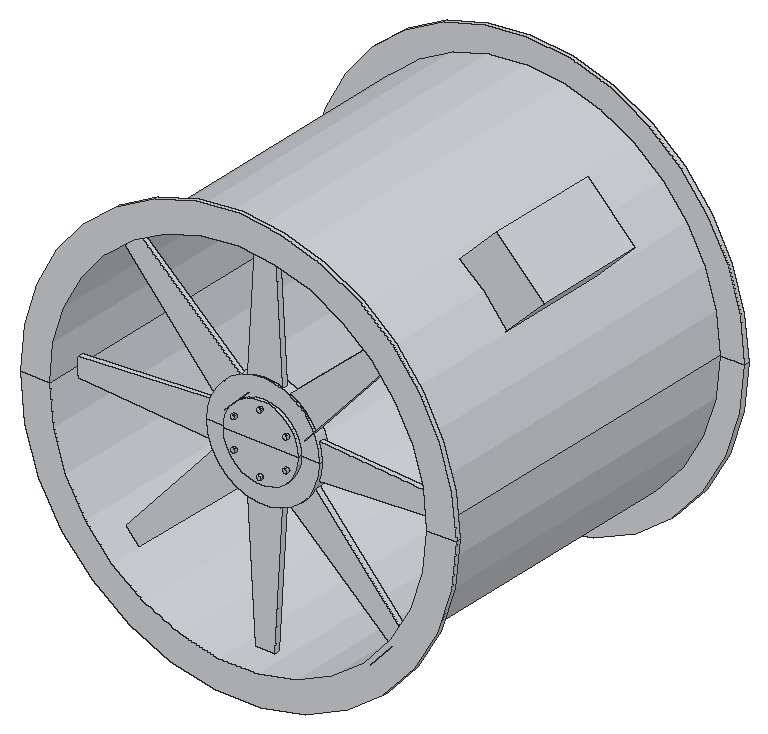
Revit family "CADS_Vent-Axia_MechEquip_Fan_LCA_450_3Ph2P - SUPPLY", category Mechanical Equipment, Revit 2020
Family settings
  Round Connector Dimension = Use Diameter
  Part Type = Normal
  OmniClass Number = 23.75.00.00
  OmniClass Title = Climate Control (HVAC)
  Work Plane-Based = No
  Always vertical = Yes
  Cut with Voids When Loaded = No
  Shared = No
  Room Calculation Point = No
Parameters (values of type "LCA453210")
  nr = NominalDiameter / 2  # 225 mm
  WorkingPressure = 0.0 Pa
  WarrantyStartDate [instance] = "1900-12-31T23:59:59"
  WarrantyPeriod = ""
  WarrantyIdentifier = "N/A"
  WarrantyGuarantorParts = "tech@vent-axia.com"
  WarrantyGuarantorLabor = "tech@vent-axia.com"
  WarrantyGuarantor = "Vent-Axia Limited"
  WarrantyEndDate [instance] = "1900-12-31T23:59:59"
  WarrantyContent = ""
  TemperatureRange = ""
  TagNumber [instance] = "N/A"
  SustainabilityPerformance = ""
  Status = "New"
  Size = ""
  Shape = ""
  ServiceLifeType = ""
  ServiceLifeDuration = ""
  SerialNumber [instance] = "N/A"
  ReplacementCost = ""
  RatedVoltage = 0 V
  RatedCurrent = 0 A
  Quantity = 1
  ProductionYear = ""
  PressureCurve = ""
  PowerFactor = ""
  PointOfContact = ""
  NumberOfPoles = 0
  NominalWidth = 450 mm
  NominalLength = 435 mm
  NominalHeight = 450 mm
  NominalFrequencyRange = ""
  NominalDiameter = 450 mm
  ModelReference = "LCAX 450mm 3PH 2P 10DEG"
  ModelNumber = "LCA453210"
  Material = ""
  ManufacturerE-Mail = "tech@vent-axia.com"
  ManufacturerAddress = "Fleming Way\nCrawley \nRH10 9YX"
  IsExtendedWarranty = no
  InsulationStandardClass = ""
  InstallationDate [instance] = "1900-12-31T23:59:59"
  IfcExportType [instance] = ""
  IfcExportAs = "IfcFanType"
  IP_Code = ""
  HasProtectiveEarth = no
  GrossWeight = 0.00 kg
  Grade = ""
  GlobalTradeItemNumber [instance] = "N/A"
  Fitting Type = "Ignore"
  Finish = ""
  Features = ""
  ExteriorInsulation = no
  ExpectedServiceLife = 0
  Exclusions = ""
  DurationUnit = "Year"
  Default Elevation = 0 mm
  Constituents = ""
  ConductorFunction = ""
  Color = ""
  CodePerformance = ""
  Category = ""
  CADS_Usage = 0
  CADS_Index = 0
  AssetType = "FIXED"
  AssetIdentifier [instance] = "N/A"
  AssemblyPlace = "UNKNOWN"
  ArticleNumber [instance] = "N/A"
  AirflowRateRange = 0.0 L/s
  Air Flow [instance] = 0.0 L/s
  AccessibilityPerformance = ""
Types (12, lengths in mm): name | ModelReference | ModelNumber
  LCA453210 | "LCAX 450mm 3PH 2P 10DEG" | "LCA453210"
  LCA453212 | "LCAX 450mm 3PH 2P 12DEG" | "LCA453212"
  LCA453214 | "LCAX 450mm 3PH 2P 14DEG" | "LCA453214"
  LCA453216 | "LCAX 450mm 3PH 2P 16DEG" | "LCA453216"
  LCA453218 | "LCAX 450mm 3PH 2P 18DEG" | "LCA453218"
  LCA453220 | "LCAX 450mm 3PH 2P 20DEG" | "LCA453220"
  LCA453222 | "LCAX 450mm 3PH 2P 22DEG" | "LCA453222"
  LCA453224 | "LCAX 450mm 3PH 2P 24DEG" | "LCA453224"
  LCA453226 | "LCAX 450mm 3PH 2P 26DEG" | "LCA453226"
  LCA453228 | "LCAX 450mm 3PH 2P 28DEG" | "LCA453228"
  LCA453230 | "LCAX 450mm 3PH 2P 30DEG" | "LCA453230"
  LCA453232 | "LCAX 450mm 3PH 2P 32DEG" | "LCA453232"
Reference planes
  plane 1 "Center (Front/Back)": y = 0
  plane 2: z = 0
  plane 3 "Center (Left/Right)": x = 0
  plane 4: x = -225
  plane 5: x = 225
  plane 6 "F": y = -217.5
  plane 7 "B": y = 217.5
  plane 8: x = -260
  plane 9: y = 212.5
  plane 10: y = -212.5
  plane 11: x = -230
  plane 12: y = -177.5
  plane 13 "top": z = 225
  plane 14: z = -225
  plane 15 "45deg": through (0, -1524, 0) normal (-0.7071, 0, -0.7071)
  plane 16 "C": through (0, -1524, 0) normal (-0.7071, 0, 0.7071)
Forms (mm)
  Revolve 1, solid
    sketch origin (0, 0, 0) x (1, 0, 0) y (0, 1, 0)
      loop
        line (-260, -217.5) -> (-225, -217.5) -> (-225, 217.5) -> (-260, 217.5) -> (-260, 212.5) -> (-230, 212.5) -> (-230, -212.5) -> (-260, -212.5) -> (-260, -217.5)
      axis (0, 217.5) -> (0, -217.5)
    angle from 0 to 360
  Sweep 2, solid
    path origin (0, 0, 0) x (1, 0, 0) y (0, 0, 1)
      loop
        line (159.099, 159.099) -> (205.061, 205.061)
    profile origin (182.08, 0, 182.08) x (-0.707107, 0, 0.707107) y (0, -1, 0)
      loop
        line (37.5, 55) -> (-42.73, 55) -> (-42.73, -79.5) -> (37.5, -79.5) -> (37.5, 55)
Dimensions and locks
  equal spacing: plane 4, plane 3 "Center (Left/Right)", plane 5
  equal spacing: plane 7 "B", plane 1 "Center (Front/Back)", plane 6 "F"
  "NominalLength": plane 7 "B" to plane 6 "F"
  "NominalDiameter": plane 4 to plane 5
  locked: plane 11 to plane 4 at 5
  locked: plane 8 to plane 11 at 30
  locked: plane 6 "F" to plane 10 at 5
  locked: plane 7 "B" to plane 9 at 5
  locked: plane 6 "F" to plane 12 at 40
  equal spacing: plane 13 "top", level, plane 14
  "NominalDiameter": plane 13 "top" to plane 14
  "nr": Sweep 2 sketch curve to nested 13
  Sweep 2 sketch curve to Sweep 2 sketch curve = 65 mm
  aligned and locked: level to plane 2
  aligned and locked: nested 1 to plane 12
Automatic sketch dimensions
  plane 6 "F" to Revolve 1 sketch curve = 0 mm
  Revolve 1 sketch curve to plane 8 = 0 mm  (x2)
  plane 10 to Revolve 1 sketch curve = 0 mm
  Revolve 1 sketch curve to plane 11 = 0 mm
  Revolve 1 sketch curve to plane 4 = 0 mm
  Revolve 1 sketch curve to plane 3 "Center (Left/Right)" = 0 mm
  plane 1 "Center (Front/Back)" to Revolve 1 sketch curve = 0 mm
  Revolve 1 sketch curve to plane 9 = 0 mm
  Revolve 1 sketch curve to plane 7 "B" = 0 mm
  plane 6 "F" to Revolve 1 sketch curve = 115 mm
  plane 1 "Center (Front/Back)" to Sweep 2 sketch curve = 55 mm
  Sweep 2 sketch curve to profile plane = 37.5 mm
  Sweep 2 sketch curve to Sweep 2 sketch curve = 80.23 mm
  Sweep 2 sketch curve to Sweep 2 sketch curve = 134.5 mm
  Sweep 2 sketch curve to plane 16 "C" = 0 mm  (x2)
Nested families
  nested 1: "Fan for ESC" at (0, -177.5, 0), ND <- "NominalDiameter", type "Fan for ESC"
    with hub 45 mm, ND 450 mm, BoltPCD 36 mm, Bolt Count 6, B_Diam 5 mm
  nested 2: "Bolts" at (31.177, -186.672, -18) x (-0.5, 0, -0.866) z (0, 1, 0), type "Bolts"
    with bd 5 mm
  nested 3: "Bolts" at (0, -186.672, -36) x (-1, 0, 0) z (0, 1, 0), type "Bolts"
    with bd 5 mm
  nested 4: "Bolts" at (-31.177, -186.672, -18) x (-0.5, 0, 0.866) z (0, 1, 0), type "Bolts"
    with bd 5 mm
  nested 5: "Bolts" at (-31.177, -186.672, 18) x (0.5, 0, 0.866) z (0, 1, 0), type "Bolts"
    with bd 5 mm
  nested 6: "Bolts" at (31.177, -186.672, 18) x (0.5, 0, -0.866) z (0, 1, 0), type "Bolts"
    with bd 5 mm
  nested 7: "Bolts" at (0, -186.672, 36) x (1, 0, 0) z (0, 1, 0), type "Bolts"
    with bd 5 mm
  nested 8: "ESC Blade" at (0, -177.5, 0), type "ESC Blade"
    with a 20.00°, HR 45 mm, HD 90 mm, BT 22.5 mm, BR 180 mm, BH 40 mm, BD 450 mm, BB 45 mm
  nested 9: "ESC Blade" at (0, -177.5, 0) x (0.7071, 0, -0.7071) z (0.7071, 0, 0.7071), type "ESC Blade"
    with a 20.00°, HR 45 mm, HD 90 mm, BT 22.5 mm, BR 180 mm, BH 40 mm, BD 450 mm, BB 45 mm
  nested 10: "ESC Blade" at (0, -177.5, 0) x (0, 0, -1) z (1, 0, 0), type "ESC Blade"
    with a 20.00°, HR 45 mm, HD 90 mm, BT 22.5 mm, BR 180 mm, BH 40 mm, BD 450 mm, BB 45 mm
  nested 11: "ESC Blade" at (0, -177.5, 0) x (-0.7071, 0, -0.7071) z (0.7071, 0, -0.7071), type "ESC Blade"
    with a 20.00°, HR 45 mm, HD 90 mm, BT 22.5 mm, BR 180 mm, BH 40 mm, BD 450 mm, BB 45 mm
  nested 12: "ESC Blade" at (0, -177.5, 0) x (-1, 0, 0) z (0, 0, -1), type "ESC Blade"
    with a 20.00°, HR 45 mm, HD 90 mm, BT 22.5 mm, BR 180 mm, BH 40 mm, BD 450 mm, BB 45 mm
  nested 13: "ESC Blade" at (0, -177.5, 0) x (-0.7071, 0, -0.7071) z (-0.7071, 0, 0.7071), type "ESC Blade"
    with a 20.00°, HR 45 mm, HD 90 mm, BT 22.5 mm, BR 180 mm, BH 40 mm, BD 450 mm, BB 45 mm
  nested 14: "ESC Blade" at (0, -177.5, 0) x (0, 0, -1) z (-1, 0, 0), type "ESC Blade"
    with a 20.00°, HR 45 mm, HD 90 mm, BT 22.5 mm, BR 180 mm, BH 40 mm, BD 450 mm, BB 45 mm
  nested 15: "ESC Blade" at (0, -177.5, 0) x (0.7071, 0, -0.7071) z (-0.7071, 0, -0.7071), type "ESC Blade"
    with a 20.00°, HR 45 mm, HD 90 mm, BT 22.5 mm, BR 180 mm, BH 40 mm, BD 450 mm, BB 45 mm
Connectors
  hvac at (0, -217.5, 0), driven by "NominalDiameter", driven by "Air Flow"
    settings: on Revolve 1, index 1, duct flow 0.0 L/s, flow factor 0, pres drop 0.0 Pa, loss coef 0, conn angle 0.00°, conn width 304.8 mm, conn height 304.8 mm, conn diameter 450 mm, duct sys type 1, conn prof type 0, flow config 1, flow direction 1, loss method 0, conn ref index -1, conn util no, is conn primary yes, conn desc ""
  hvac at (0, 217.5, 0), driven by "NominalDiameter", driven by "Air Flow"
    settings: on Revolve 1, index 2, duct flow 0.0 L/s, flow factor 0, pres drop 0.0 Pa, loss coef 0, conn angle 0.00°, conn width 304.8 mm, conn height 304.8 mm, conn diameter 450 mm, duct sys type 1, conn prof type 0, flow config 0, flow direction 2, loss method 0, conn ref index -1, conn util no, is conn primary no, conn desc ""
Definition of nested family "Fan for ESC"
  Parameters (values of type "Fan for ESC")
    hub [instance] = ND / 10  # 56.7 mm
    ND [instance] = 567 mm
    Model = "."
    Default Elevation = 0 mm
    BoltPCD [instance] = hub - (hub * 0.2)  # 45.36 mm
    Bolt Count [instance] = if(hub < 50 mm, 6, 8)  # 8
    B_Diam [instance] = if(hub < 50 mm, 5 mm, 10 mm)  # 10 mm
  Reference planes
    plane 1 "Center (Front/Back)": y = 0
    plane 2: z = 0
    plane 3 "Center (Left/Right)": x = 0
    plane 4 "back": y = 20
    plane 5 "bolts": y = -9.172
    plane 6 "B": z = 56.7
    plane 7: x = -79.287
    plane 8: x = -56.7
    plane 9 "hubface": y = -6.172
  Forms (mm)
    Revolve 1, solid
      sketch origin (0, 0, 0) x (1, 0, 0) y (0, 1, 0)
        loop
          line (0, 20) -> (-56.7, 20) -> (-56.7, 10.504) -> (-79.287, 10.504) -> (-79.287, -2.597) -> (-56.7, -2.597) -> (-56.7, -6.172) -> (0, -6.172) -> (0, 20)
        axis (0, 20) -> (0, -6.172)
      angle from 0 to 360
    Extrusion 2, solid, not visible
      sketch origin (0, -6.347, -4) x (-1, 0, 0) y (0, 0, 1)
        loop
          circle (0, 84) r 5
      from 0 to 3
  Lines and regions (mm)
    symbolic lines
      curve 1: circle (0, -9.172, 0) r 45.36 normal (0, 1, 0)
    model lines, not visible
      curve 2: line (0, -6.347, 85) -> (0, -6.347, 75)
  Dimensions and locks
    "hub": plane 6 "B" to plane 2
    "hub": nested 3 to plane 3 "Center (Left/Right)"
    "hub": nested 4 to plane 3 "Center (Left/Right)"
    "hub": nested 5 to plane 3 "Center (Left/Right)"
    "hub": plane 3 "Center (Left/Right)" to nested 6
    "hub": Revolve 1 sketch curve to Revolve 1 sketch curve
    "hub": plane 3 "Center (Left/Right)" to nested 7
    "hub": plane 3 "Center (Left/Right)" to nested 8
    "hub": plane 3 "Center (Left/Right)" to nested 9
    "hub": plane 8 to plane 3 "Center (Left/Right)"
    plane 7 to plane 8 = 22.587 mm
    diameter of Extrusion 2 sketch curve = 10 mm
    "BoltPCD": radius of curve 1
    "BoltPCD": radius of radial array
    aligned and locked: level to plane 2
    aligned and locked: plane 6 "B" to nested 1
  Automatic sketch dimensions
    Revolve 1 sketch curve to plane 7 = 0 mm
    Revolve 1 sketch curve to plane 8 = 0 mm  (x2)
    Revolve 1 sketch curve to plane 3 "Center (Left/Right)" = 0 mm
    Revolve 1 sketch curve to plane 9 "hubface" = 0 mm
    plane 4 "back" to Revolve 1 sketch curve = 0 mm
    plane 1 "Center (Front/Back)" to Revolve 1 sketch curve = 2.597 mm
    plane 4 "back" to Revolve 1 sketch curve = 9.496 mm
    Revolve 1 sketch curve to Revolve 1 sketch curve = 5 mm
    Revolve 1 sketch curve to plane 4 "back" = 45 mm
    curve 1 to level = 0 mm
    curve 1 to plane 3 "Center (Left/Right)" = 0 mm
  Nested families
    nested 1: "ESC Blade" at (0, 0, 0), BD <- "ND", HD <- "hub", type "ESC Blade"
      with a 20.00°, HR 56.7 mm, HD 113.4 mm, BT 28.35 mm, BR 226.8 mm, BH 40 mm, BD 567 mm, BB 56.7 mm
    nested 2: "ESC Blade" at (0, 0, 755), BD <- "ND", HD <- "hub", type "ESC Blade", not visible
      with a 20.00°, HR 56.7 mm, HD 113.4 mm, BT 28.35 mm, BR 226.8 mm, BH 40 mm, BD 567 mm, BB 56.7 mm
    nested 3: "ESC Blade" at (0, 0, 0) x (0.7071, 0, -0.7071) z (0.7071, 0, 0.7071), BD <- "ND", HD <- "hub", type "ESC Blade"
      with a 20.00°, HR 56.7 mm, HD 113.4 mm, BT 28.35 mm, BR 226.8 mm, BH 40 mm, BD 567 mm, BB 56.7 mm
    nested 4: "ESC Blade" at (0, 0, 0) x (0, 0, -1) z (1, 0, 0), BD <- "ND", HD <- "hub", type "ESC Blade"
      with a 20.00°, HR 56.7 mm, HD 113.4 mm, BT 28.35 mm, BR 226.8 mm, BH 40 mm, BD 567 mm, BB 56.7 mm
    nested 5: "ESC Blade" at (0, 0, 0) x (-0.7071, 0, -0.7071) z (0.7071, 0, -0.7071), BD <- "ND", HD <- "hub", type "ESC Blade"
      with a 20.00°, HR 56.7 mm, HD 113.4 mm, BT 28.35 mm, BR 226.8 mm, BH 40 mm, BD 567 mm, BB 56.7 mm
    nested 6: "ESC Blade" at (0, 0, 0) x (-1, 0, 0) z (0, 0, -1), BD <- "ND", HD <- "hub", type "ESC Blade"
      with a 20.00°, HR 56.7 mm, HD 113.4 mm, BT 28.35 mm, BR 226.8 mm, BH 40 mm, BD 567 mm, BB 56.7 mm
    nested 7: "ESC Blade" at (0, 0, 0) x (-0.7071, 0, -0.7071) z (-0.7071, 0, 0.7071), BD <- "ND", HD <- "hub", type "ESC Blade"
      with a 20.00°, HR 56.7 mm, HD 113.4 mm, BT 28.35 mm, BR 226.8 mm, BH 40 mm, BD 567 mm, BB 56.7 mm
    nested 8: "ESC Blade" at (0, 0, 0) x (0, 0, -1) z (-1, 0, 0), BD <- "ND", HD <- "hub", type "ESC Blade"
      with a 20.00°, HR 56.7 mm, HD 113.4 mm, BT 28.35 mm, BR 226.8 mm, BH 40 mm, BD 567 mm, BB 56.7 mm
    nested 9: "ESC Blade" at (0, 0, 0) x (0.7071, 0, -0.7071) z (-0.7071, 0, -0.7071), BD <- "ND", HD <- "hub", type "ESC Blade"
      with a 20.00°, HR 56.7 mm, HD 113.4 mm, BT 28.35 mm, BR 226.8 mm, BH 40 mm, BD 567 mm, BB 56.7 mm
    nested 10: "Bolts" at (0, -9.172, 45.36) x (1, 0, 0) z (0, 1, 0), bd <- "B_Diam", type "Bolts"
      with bd 10 mm
    nested 11: "Bolts" at (32.074, -9.172, 32.074) x (0.7071, 0, -0.7071) z (0, 1, 0), bd <- "B_Diam", type "Bolts"
      with bd 10 mm
    nested 12: "Bolts" at (-32.074, -9.172, 32.074) x (0.7071, 0, 0.7071) z (0, 1, 0), bd <- "B_Diam", type "Bolts"
      with bd 10 mm
    nested 13: "Bolts" at (-45.36, -9.172, 0) x (0, 0, 1) z (0, 1, 0), bd <- "B_Diam", type "Bolts"
      with bd 10 mm
    nested 14: "Bolts" at (-32.074, -9.172, -32.074) x (-0.7071, 0, 0.7071) z (0, 1, 0), bd <- "B_Diam", type "Bolts"
      with bd 10 mm
    nested 15: "Bolts" at (0, -9.172, -45.36) x (-1, 0, 0) z (0, 1, 0), bd <- "B_Diam", type "Bolts"
      with bd 10 mm
    nested 16: "Bolts" at (32.074, -9.172, -32.074) x (-0.7071, 0, -0.7071) z (0, 1, 0), bd <- "B_Diam", type "Bolts"
      with bd 10 mm
    nested 17: "Bolts" at (45.36, -9.172, 0) x (0, 0, -1) z (0, 1, 0), bd <- "B_Diam", type "Bolts"
      with bd 10 mm
  Definition of nested family "ESC Blade"
    Parameters (values of type "ESC Blade")
      a [instance] = 20.00°
      HR [instance] = HD / 2  # 30 mm
      HD [instance] = BD / 5  # 60 mm
      Default Elevation = 1219.2 mm
      BT [instance] = BD / 20  # 15 mm
      BR [instance] = (BD / 2) - HR  # 120 mm
      BH [instance] = 40 mm
      BD [instance] = 300 mm
      BB [instance] = BD / 10  # 30 mm
    Reference planes
      plane 1 "Center (Front/Back)": y = 0
      plane 2: z = 0
      plane 3 "Center (Left/Right)": x = 0
      plane 4 "Blade Bot": z = 30
      plane 5: x = -15
      plane 6: x = 15
      plane 7: x = -7.5
      plane 8: x = 7.5
    Forms (mm)
      Blend 1, solid
        base sketch origin (0, 0, 30) x (-1, 0, 0) y (0, -1, 0)
          loop
            line (15, 0) -> (-15, 0) -> (-15, -6) -> (15, -6) -> (15, 0)
        top sketch origin (0, 0, 30) x (-1, 0, 0) y (0, -1, 0)
          loop
            line (7.5, -6) -> (7.5, 0) -> (-7.5, 0) -> (-7.5, -6) -> (7.5, -6)
        from 0 to 120 <- "BR"
    Dimensions and locks
      "HR": plane 4 "Blade Bot" to level
      equal spacing: plane 8, plane 3 "Center (Left/Right)", plane 7
      "BT": plane 8 to plane 7
      equal spacing: plane 6, plane 3 "Center (Left/Right)", plane 5
      "BB": plane 6 to plane 5
      aligned and locked: level to plane 2
    Automatic sketch dimensions
      plane 1 "Center (Front/Back)" to Blend 1 sketch curve = 0 mm  (x2)
      Blend 1 sketch curve to plane 6 = 0 mm
      Blend 1 sketch curve to plane 5 = 0 mm
      Blend 1 sketch curve to plane 1 "Center (Front/Back)" = 6 mm  (x2)
      Blend 1 sketch curve to plane 8 = 0 mm
      Blend 1 sketch curve to plane 7 = 0 mm
  Definition of nested family "Bolts"
    Parameters
      bd [instance] = 10 mm
      Default Elevation = 1219.2 mm
    Reference planes
      plane 1 "Center (Front/Back)": y = 0
      plane 2: z = 0
      plane 3 "Center (Left/Right)": x = 0
    Forms (mm)
      Extrusion 1, solid
        sketch origin (0, 0, 0) x (1, 0, 0) y (0, 1, 0)
          loop
            line (-1219.2, 1219.2) -> (-1219.2, -1219.2) -> (1219.2, -1219.2) -> (1219.2, 1219.2) -> (-1219.2, 1219.2)
        from 0 to -304.8
      Extrusion 2, solid
        sketch origin (0, 0, 0) x (1, 0, 0) y (0, 1, 0)
          loop
            circle (0, 0) r 5
        from 0 to 3
    Dimensions and locks
      "bd": diameter of Extrusion 2 sketch curve
      aligned and locked: plane 2 to Extrusion 1
      aligned and locked: level to Extrusion 1
    Automatic sketch dimensions
      Extrusion 1 sketch curve to Extrusion 1 sketch curve = 2438.4 mm  (x2)
      plane 1 "Center (Front/Back)" to Extrusion 2 sketch curve = 0 mm
      Extrusion 2 sketch curve to plane 3 "Center (Left/Right)" = 0 mm
Definition of nested family "Bolts"
  Parameters
    bd [instance] = 10 mm
    Default Elevation = 1219.2 mm
  Reference planes
    plane 1 "Center (Front/Back)": y = 0
    plane 2: z = 0
    plane 3 "Center (Left/Right)": x = 0
  Forms (mm)
    Extrusion 1, solid
      sketch origin (0, 0, 0) x (1, 0, 0) y (0, 1, 0)
        loop
          line (-1219.2, 1219.2) -> (-1219.2, -1219.2) -> (1219.2, -1219.2) -> (1219.2, 1219.2) -> (-1219.2, 1219.2)
      from 0 to -304.8
    Extrusion 2, solid
      sketch origin (0, 0, 0) x (1, 0, 0) y (0, 1, 0)
        loop
          circle (0, 0) r 5
      from 0 to 3
  Dimensions and locks
    "bd": diameter of Extrusion 2 sketch curve
    aligned and locked: plane 2 to Extrusion 1
    aligned and locked: level to Extrusion 1
  Automatic sketch dimensions
    Extrusion 1 sketch curve to Extrusion 1 sketch curve = 2438.4 mm  (x2)
    plane 1 "Center (Front/Back)" to Extrusion 2 sketch curve = 0 mm
    Extrusion 2 sketch curve to plane 3 "Center (Left/Right)" = 0 mm
Definition of nested family "ESC Blade"
  Parameters (values of type "ESC Blade")
    a [instance] = 20.00°
    HR [instance] = HD / 2  # 30 mm
    HD [instance] = BD / 5  # 60 mm
    Default Elevation = 1219.2 mm
    BT [instance] = BD / 20  # 15 mm
    BR [instance] = (BD / 2) - HR  # 120 mm
    BH [instance] = 40 mm
    BD [instance] = 300 mm
    BB [instance] = BD / 10  # 30 mm
  Reference planes
    plane 1 "Center (Front/Back)": y = 0
    plane 2: z = 0
    plane 3 "Center (Left/Right)": x = 0
    plane 4 "Blade Bot": z = 30
    plane 5: x = -15
    plane 6: x = 15
    plane 7: x = -7.5
    plane 8: x = 7.5
  Forms (mm)
    Blend 1, solid
      base sketch origin (0, 0, 30) x (-1, 0, 0) y (0, -1, 0)
        loop
          line (15, 0) -> (-15, 0) -> (-15, -6) -> (15, -6) -> (15, 0)
      top sketch origin (0, 0, 30) x (-1, 0, 0) y (0, -1, 0)
        loop
          line (7.5, -6) -> (7.5, 0) -> (-7.5, 0) -> (-7.5, -6) -> (7.5, -6)
      from 0 to 120 <- "BR"
  Dimensions and locks
    "HR": plane 4 "Blade Bot" to level
    equal spacing: plane 8, plane 3 "Center (Left/Right)", plane 7
    "BT": plane 8 to plane 7
    equal spacing: plane 6, plane 3 "Center (Left/Right)", plane 5
    "BB": plane 6 to plane 5
    aligned and locked: level to plane 2
  Automatic sketch dimensions
    plane 1 "Center (Front/Back)" to Blend 1 sketch curve = 0 mm  (x2)
    Blend 1 sketch curve to plane 6 = 0 mm
    Blend 1 sketch curve to plane 5 = 0 mm
    Blend 1 sketch curve to plane 1 "Center (Front/Back)" = 6 mm  (x2)
    Blend 1 sketch curve to plane 8 = 0 mm
    Blend 1 sketch curve to plane 7 = 0 mm
